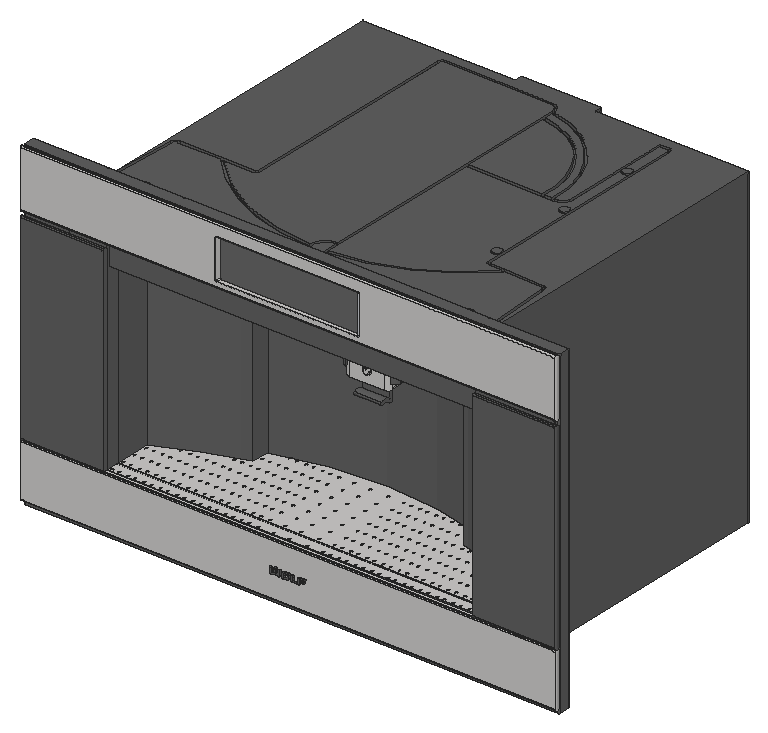
Revit family "EC3050TE", category Specialty Equipment, Revit 2017
Family settings
  Round Connector Dimension = Use Diameter
  Part Type = Normal
  OmniClass Number = 23.40.40.11.21
  OmniClass Title = Hot Cabinets
  Work Plane-Based = No
  Always vertical = Yes
  Cut with Voids When Loaded = No
  Shared = No
  Room Calculation Point = No
Parameters (values of type "EC3050TM")
  URL = "http://www.yepsketch.com"
  Model = "EC3050TM"
  Manufacturer = "Subzero Wolf"
  Author = "Yepsketch"
  Assembly Code = "E1090320"
Reference planes (in)
  plane 1 "Center (Front/Back)": y = 0
  plane 2: z = 0
  plane 3 "Center (Left/Right)": x = 0
Forms (in)
  Extrusion 1, solid, material "Thermoplastic Resin"
    sketch origin (0, 0, 0) x (1, 0, 0) y (0, 1, 0)
      loop
        line (-10.56417, 11.49096) -> (-10.56417, -6.19009) -> (10.89149, -6.19009) -> (10.89149, 11.48176)
        arc (10.89149, 11.48176) -> (10.88186, 11.505) -> (10.85861, 11.51463) r 0.03287
        line (10.85861, 11.51463) -> (2.4247, 11.51463)
        arc (2.4247, 11.51463) -> (2.39736, 11.52596) -> (2.38603, 11.5533) r 0.03867
        line (2.38603, 11.5533) -> (2.38603, 11.83137)
        arc (2.38603, 11.83137) -> (2.36087, 11.89211) -> (2.30014, 11.91727) r 0.08589
        line (2.30014, 11.91727) -> (-2.01654, 11.91727)
        arc (-2.01654, 11.91727) -> (-2.04636, 11.90491) -> (-2.05872, 11.87508) r 0.04218
        line (-2.05872, 11.87508) -> (-2.05872, 11.54377)
        arc (-2.05872, 11.54377) -> (-2.06741, 11.5228) -> (-2.08838, 11.51412) r 0.02966
        line (-2.08838, 11.51412) -> (-10.54102, 11.51412)
        arc (-10.54102, 11.51412) -> (-10.55739, 11.50733) -> (-10.56417, 11.49096) r 0.02316
    from 0 to 17.50389
  Extrusion 2, solid
    sketch origin (0, 0, 0) x (1, 0, 0) y (0, 1, 0)
      loop
        arc (-14.69217, -6.15193) -> (-14.72116, -6.16394) -> (-14.73318, -6.19294) r 0.04101
        line (-14.73318, -6.19294) -> (-14.73318, -6.74089)
        arc (-14.73318, -6.74089) -> (-14.70711, -6.80383) -> (-14.64418, -6.82989) r 0.089
        line (-14.64418, -6.82989) -> (-12.16097, -6.82989) -> (-12.16097, -6.86238) -> (14.81081, -6.86238) -> (14.81081, -6.82989) -> (14.97149, -6.82989)
        arc (14.97149, -6.82989) -> (15.03442, -6.80383) -> (15.06049, -6.74089) r 0.089
        line (15.06049, -6.74089) -> (15.06049, -6.20194)
        arc (15.06049, -6.20194) -> (15.04584, -6.16657) -> (15.01047, -6.15193) r 0.05001
        line (15.01047, -6.15193) -> (-14.69217, -6.15193)
    from 0 to 17.89035
  Extrusion 3, solid, material "Stainless Steel, Brushed"
    sketch origin (0, 0, 0) x (0, 1, 0) y (0, 0, 1)
      loop
        line (-6.97925, 17.8877) -> (-6.97925, 17.92118) -> (-7.06177, 17.92118)
        arc (-7.06177, 17.92118) -> (-7.10666, 17.90259) -> (-7.12525, 17.8577) r 0.06348
        line (-7.12525, 17.8577) -> (-7.12525, 14.7687)
        arc (-7.12525, 14.7687) -> (-7.10768, 14.72628) -> (-7.06525, 14.7087) r 0.06
        line (-7.06525, 14.7087) -> (-6.97925, 14.7087) -> (-6.97925, 14.741)
        arc (-6.97925, 14.741) -> (-6.92582, 14.75199) -> (-6.88306, 14.78586) r 0.11786
        line (-6.88306, 14.78586) -> (-6.88306, 17.79151)
        arc (-6.88306, 17.79151) -> (-6.91124, 17.85953) -> (-6.97925, 17.8877) r 0.09619
    from -14.76984 to 15.10791
  Extrusion 4, solid, material "Thermoplastic Resin"
    sketch origin (0, 0, -3.4915) x (0, 1, 0) y (0, 0, 1)
      loop
        line (-6.97925, 17.8877) -> (-6.97925, 17.92118) -> (-7.06177, 17.92118)
        arc (-7.06177, 17.92118) -> (-7.10666, 17.90259) -> (-7.12525, 17.8577) r 0.06348
        line (-7.12525, 17.8577) -> (-7.12525, 6.86508)
        arc (-7.12525, 6.86508) -> (-7.10768, 6.82266) -> (-7.06525, 6.80508) r 0.06
        line (-7.06525, 6.80508) -> (-6.97925, 6.80508) -> (-6.97925, 6.83738)
        arc (-6.97925, 6.83738) -> (-6.92582, 6.84837) -> (-6.88306, 6.88224) r 0.11786
        line (-6.88306, 6.88224) -> (-6.88306, 17.79151)
        arc (-6.88306, 17.79151) -> (-6.91124, 17.85953) -> (-6.97925, 17.8877) r 0.09619
    from -14.76984 to 15.10791
  Extrusion 5, solid, material "Stainless Steel, Brushed"
    sketch origin (0, 0, -14.65955) x (0, 1, 0) y (0, 0, 1)
      loop
        line (-6.97925, 17.8877) -> (-6.97925, 17.92118) -> (-7.03893, 17.92118)
        arc (-7.03893, 17.92118) -> (-7.08382, 17.90259) -> (-7.10241, 17.8577) r 0.06348
        line (-7.10241, 17.8577) -> (-7.10241, 14.98643)
        arc (-7.10241, 14.98643) -> (-7.08484, 14.944) -> (-7.04241, 14.92643) r 0.06
        line (-7.04241, 14.92643) -> (-6.97925, 14.92643) -> (-6.97925, 14.95872)
        arc (-6.97925, 14.95872) -> (-6.92582, 14.96971) -> (-6.88306, 15.00358) r 0.11786
        line (-6.88306, 15.00358) -> (-6.88306, 17.79151)
        arc (-6.88306, 17.79151) -> (-6.91124, 17.85953) -> (-6.97925, 17.8877) r 0.09619
    from -14.76984 to 15.10791
  Extrusion 6, solid, material "Default Light Source"
    sketch origin (0, 0, 0) x (1, 0, 0) y (0, 0, 1)
      loop
        line (-0.78338, 1.93507) -> (-0.78338, 1.6486)
        arc (-0.78338, 1.6486) -> (-0.76479, 1.60964) -> (-0.7228, 1.59961) r 0.05011
        arc (-0.7228, 1.59961) -> (-0.61616, 1.62639) -> (-0.5079, 1.64558) r 1.55626
        arc (-0.5079, 1.64558) -> (-0.40084, 1.6278) -> (-0.2958, 1.60049) r 1.20968
        arc (-0.2958, 1.60049) -> (-0.25018, 1.60972) -> (-0.23318, 1.65304) r 0.04866
        line (-0.23318, 1.65304) -> (-0.23318, 1.93125)
        arc (-0.23318, 1.93125) -> (-0.31238, 1.89844) -> (-0.34519, 1.81924) r 0.11201
        line (-0.34519, 1.81924) -> (-0.34519, 1.70699)
        arc (-0.34519, 1.70699) -> (-0.35261, 1.68908) -> (-0.37053, 1.68166) r 0.02534
        arc (-0.37053, 1.68166) -> (-0.43864, 1.69691) -> (-0.5079, 1.70549) r 0.72005
        arc (-0.5079, 1.70549) -> (-0.57894, 1.69799) -> (-0.64803, 1.67986) r 0.47224
        arc (-0.64803, 1.67986) -> (-0.6643, 1.6866) -> (-0.67104, 1.70287) r 0.02301
        line (-0.67104, 1.70287) -> (-0.67104, 1.82273)
        arc (-0.67104, 1.82273) -> (-0.70394, 1.90217) -> (-0.78338, 1.93507) r 0.11235
      loop
        arc (-0.56557, 1.90748) -> (-0.5872, 1.89239) -> (-0.60229, 1.87076) r 0.07521
        arc (-0.60229, 1.87076) -> (-0.59345, 1.78059) -> (-0.51043, 1.74433) r 0.08951
        arc (-0.51043, 1.74433) -> (-0.47511, 1.76343) -> (-0.46243, 1.80153) r 0.05455
        arc (-0.46243, 1.80153) -> (-0.46214, 1.81803) -> (-0.45569, 1.83322) r 0.04323
        arc (-0.45569, 1.83322) -> (-0.43543, 1.81122) -> (-0.42883, 1.78205) r 0.05798
        arc (-0.42883, 1.78205) -> (-0.41536, 1.79598) -> (-0.40624, 1.81308) r 0.06974
        arc (-0.40624, 1.81308) -> (-0.4108, 1.85645) -> (-0.43391, 1.89342) r 0.09691
        line (-0.43391, 1.89342) -> (-0.45673, 1.91625)
        arc (-0.45673, 1.91625) -> (-0.47997, 1.95054) -> (-0.49449, 1.98935) r 0.17478
        arc (-0.49449, 1.98935) -> (-0.51379, 1.97221) -> (-0.52256, 1.94794) r 0.05234
        arc (-0.52256, 1.94794) -> (-0.5155, 1.91422) -> (-0.51539, 1.87978) r 0.16948
        arc (-0.51539, 1.87978) -> (-0.52642, 1.85392) -> (-0.55331, 1.8621) r 0.02104
        arc (-0.55331, 1.8621) -> (-0.56264, 1.88392) -> (-0.56557, 1.90748) r 0.08502
      loop
        line (-0.13714, 1.82707) -> (-0.13714, 1.70373)
        arc (-0.13714, 1.70373) -> (-0.09523, 1.61485) -> (0, 1.59063) r 0.1152
        line (0, 1.59063) -> (0.17151, 1.59063)
        arc (0.17151, 1.59063) -> (0.25662, 1.62589) -> (0.29188, 1.711) r 0.12037
        line (0.29188, 1.711) -> (0.29188, 1.81888)
        arc (0.29188, 1.81888) -> (0.25662, 1.90399) -> (0.17151, 1.93924) r 0.12037
        line (0.17151, 1.93924) -> (0, 1.93924)
        arc (0, 1.93924) -> (-0.09515, 1.91565) -> (-0.13714, 1.82707) r 0.11445
      loop
        arc (0.1346, 1.64398) -> (0.17192, 1.65944) -> (0.18738, 1.69676) r 0.05278
        line (0.18738, 1.69676) -> (0.18738, 1.83018)
        arc (0.18738, 1.83018) -> (0.17192, 1.8675) -> (0.1346, 1.88296) r 0.05278
        line (0.1346, 1.88296) -> (0.018, 1.88296)
        arc (0.018, 1.88296) -> (-0.02223, 1.86286) -> (-0.03032, 1.81862) r 0.05032
        line (-0.03032, 1.81862) -> (-0.03032, 1.71287)
        arc (-0.03032, 1.71287) -> (-0.01014, 1.66416) -> (0.03857, 1.64398) r 0.06889
        line (0.03857, 1.64398) -> (0.1346, 1.64398)
      loop
        arc (0.8275, 1.93924) -> (0.78371, 1.92111) -> (0.76557, 1.87732) r 0.06192
        line (0.76557, 1.87732) -> (0.76557, 1.65068)
        arc (0.76557, 1.65068) -> (0.8195, 1.59675) -> (0.87343, 1.65068) r 0.05393
        line (0.87343, 1.65068) -> (0.87343, 1.6847)
        arc (0.87343, 1.6847) -> (0.88527, 1.70013) -> (0.90382, 1.70598) r 0.03234
        line (0.90382, 1.70598) -> (1.06376, 1.70598)
        arc (1.06376, 1.70598) -> (1.09629, 1.73851) -> (1.06376, 1.77105) r 0.03253
        line (1.06376, 1.77105) -> (0.88126, 1.77105)
        arc (0.88126, 1.77105) -> (0.87349, 1.80451) -> (0.88126, 1.83797) r 0.07591
        line (0.88126, 1.83797) -> (1.06376, 1.83797)
        arc (1.06376, 1.83797) -> (1.13029, 1.86868) -> (1.15008, 1.93924) r 0.08743
        line (1.15008, 1.93924) -> (0.8275, 1.93924)
      loop
        arc (0.50305, 1.82698) -> (0.47017, 1.90636) -> (0.39079, 1.93924) r 0.11226
        line (0.39079, 1.93924) -> (0.39079, 1.65068)
        arc (0.39079, 1.65068) -> (0.40668, 1.61231) -> (0.44504, 1.59642) r 0.05425
        line (0.44504, 1.59642) -> (0.69605, 1.59642)
        arc (0.69605, 1.59642) -> (0.72741, 1.62779) -> (0.69605, 1.65915) r 0.03137
        line (0.69605, 1.65915) -> (0.5263, 1.65915)
        arc (0.5263, 1.65915) -> (0.50986, 1.66596) -> (0.50305, 1.6824) r 0.02324
        line (0.50305, 1.6824) -> (0.50305, 1.82698)
    from 6.89908 to 7.17238
  Extrusion 7, void
    sketch origin (0, 0, 0) x (1, 0, 0) y (0, 1, 0)
      loop
        line (10.43658, -7.47925) -> (10.43658, -4.12556)
        arc (10.43658, -4.12556) -> (0.17625, -1.55558) -> (-10.08408, -4.12556) r 21.76654
        line (-10.08408, -4.12556) -> (-10.08408, -7.47925) -> (10.43658, -7.47925)
    from 3.35827 to 13.44431
  Extrusion 8, void
    sketch origin (0, 0, 0) x (1, 0, 0) y (0, 0, 1)
      loop
        line (-10.08408, 14.69431) -> (-10.08408, 13.44431) -> (10.43658, 13.44431) -> (10.43658, 14.69431) -> (-10.08408, 14.69431)
    from 6.74661 to 8.42224
  Extrusion 9, void
    sketch origin (0, 0, 0) x (1, 0, 0) y (0, 1, 0)
      loop
        line (6.1621, -2.39482) -> (6.1621, -1.31974)
        arc (6.1621, -1.31974) -> (0.28683, -0.39574) -> (-5.58408, -1.3471) r 18.86171
        line (-5.58408, -1.3471) -> (-5.58408, -2.39482) -> (6.1621, -2.39482)
    from 3.35827 to 12.25674
  Extrusion 10, solid
    sketch origin (0, 0, 0) x (1, 0, 0) y (0, 0, 1)
      loop
        arc (-0.99053, 12.25674) -> (-1.04261, 12.23517) -> (-1.06418, 12.18309) r 0.07365
        line (-1.06418, 12.18309) -> (-1.06418, 9.0422)
        arc (-1.06418, 9.0422) -> (-1.05479, 8.99904) -> (-1.0211, 8.9705) r 0.06879
        line (-1.0211, 8.9705) -> (1.3753, 8.9705)
        arc (1.3753, 8.9705) -> (1.42013, 9.0049) -> (1.43713, 9.05879) r 0.09396
        line (1.43713, 9.05879) -> (1.43713, 12.16873)
        arc (1.43713, 12.16873) -> (1.42922, 12.22878) -> (1.3755, 12.25674) r 0.06558
        line (1.3755, 12.25674) -> (-0.99053, 12.25674)
    from 0.65833 to 1.62812
  Extrusion 11, void
    sketch origin (0, 0, 0) x (1, 0, 0) y (0, 1, 0)
      loop
        line (-0.75, -0.65833) -> (-0.75, -0.62266) -> (-1.11603, -0.62266) -> (-1.11603, -0.88277) -> (-1.08095, -0.88277)
        arc (-1.08095, -0.88277) -> (-0.95427, -0.71335) -> (-0.75, -0.65833) r 0.32374
    from 8.9705 to 12.25674
  Extrusion 12, void
    sketch origin (0, -2.28645, 0) x (1, 0, 0) y (0, 1, 0)
      loop
        arc (-0.75, 0.65833) -> (-0.95427, 0.71335) -> (-1.08095, 0.88277) r 0.32374
        line (-1.08095, 0.88277) -> (-1.11603, 0.88277) -> (-1.11603, 0.62266) -> (-0.75, 0.62266) -> (-0.75, 0.65833)
    from 8.9705 to 12.25674
  Extrusion 13, void
    sketch origin (0.36435, 0, 0) x (-1, 0, 0) y (0, -1, 0)
      loop
        arc (-0.75, 0.65833) -> (-0.95427, 0.71335) -> (-1.08095, 0.88277) r 0.32374
        line (-1.08095, 0.88277) -> (-1.11603, 0.88277) -> (-1.11603, 0.62266) -> (-0.75, 0.62266) -> (-0.75, 0.65833)
    from 8.9705 to 12.25674
  Extrusion 14, void
    sketch origin (0.36435, -2.28645, 0) x (-1, 0, 0) y (0, -1, 0)
      loop
        line (-0.75, -0.65833) -> (-0.75, -0.62266) -> (-1.11603, -0.62266) -> (-1.11603, -0.88277) -> (-1.08095, -0.88277)
        arc (-1.08095, -0.88277) -> (-0.95427, -0.71335) -> (-0.75, -0.65833) r 0.32374
    from 8.9705 to 12.25674
  Extrusion 15, void
    sketch origin (0, 0, 0) x (1, 0, 0) y (0, 0, 1)
      loop
        arc (0.20907, 9.90188) -> (0.17042, 9.85411) -> (0.16908, 9.79268) r 0.09502
        arc (0.16908, 9.79268) -> (0.18215, 9.72731) -> (0.18063, 9.66066) r 0.30348
        arc (0.18063, 9.66066) -> (0.14266, 9.61745) -> (0.08817, 9.63589) r 0.05184
        arc (0.08817, 9.63589) -> (0.07317, 9.68429) -> (0.06832, 9.73474) r 0.248
        arc (0.06832, 9.73474) -> (0.03117, 9.70357) -> (0, 9.66642) r 0.27811
        arc (0, 9.66642) -> (-0.03214, 9.56447) -> (0, 9.46251) r 0.17777
        arc (0, 9.46251) -> (0.08156, 9.39864) -> (0.18488, 9.39109) r 0.17777
        arc (0.18488, 9.39109) -> (0.26455, 9.44662) -> (0.28288, 9.54199) r 0.12895
        arc (0.28288, 9.54199) -> (0.28669, 9.5608) -> (0.30015, 9.57448) r 0.03369
        arc (0.30015, 9.57448) -> (0.34555, 9.53065) -> (0.36081, 9.46941) r 0.11445
        arc (0.36081, 9.46941) -> (0.40365, 9.53676) -> (0.39744, 9.61633) r 0.12602
        arc (0.39744, 9.61633) -> (0.3554, 9.68927) -> (0.29688, 9.74979) r 0.34354
        arc (0.29688, 9.74979) -> (0.24434, 9.82085) -> (0.20907, 9.90188) r 0.39184
      loop
        arc (0.31058, 9.76443) -> (0.25569, 9.84161) -> (0.22208, 9.93015) r 0.37184
        arc (0.22208, 9.93015) -> (0.15685, 9.87305) -> (0.15001, 9.78663) r 0.11502
        arc (0.15001, 9.78663) -> (0.16222, 9.72557) -> (0.1608, 9.66331) r 0.28348
        arc (0.1608, 9.66331) -> (0.13859, 9.63709) -> (0.10548, 9.64632) r 0.03184
        arc (0.10548, 9.64632) -> (0.08968, 9.70824) -> (0.09167, 9.77212) r 0.228
        arc (0.09167, 9.77212) -> (0.0319, 9.7316) -> (-0.01638, 9.67789) r 0.29811
        arc (-0.01638, 9.67789) -> (-0.05214, 9.56447) -> (-0.01638, 9.45104) r 0.19777
        arc (-0.01638, 9.45104) -> (0.07435, 9.37999) -> (0.1893, 9.37158) r 0.19777
        arc (0.1893, 9.37158) -> (0.28248, 9.43754) -> (0.3016, 9.55009) r 0.14895
        arc (0.3016, 9.55009) -> (0.33835, 9.49516) -> (0.3301, 9.42959) r 0.09445
        arc (0.3301, 9.42959) -> (0.41499, 9.50834) -> (0.41586, 9.62412) r 0.14602
        arc (0.41586, 9.62412) -> (0.37181, 9.70072) -> (0.31058, 9.76443) r 0.36354
    from 1.60848 to 1.62812
  Extrusion 16, solid
    sketch origin (0, 0, 0) x (1, 0, 0) y (0, 1, 0)
      loop
        line (-1.0654, -1.51266) -> (-1.0654, -0.77485)
        arc (-1.0654, -0.77485) -> (-1.38347, -1.14376) -> (-1.0654, -1.51266) r 0.37297
      loop
        arc (1.43713, -1.51224) -> (1.75242, -1.14376) -> (1.43713, -0.77528) r 0.37297
        line (1.43713, -0.77528) -> (1.43713, -1.51224)
    from 9.34198 to 12.25674
  Extrusion 17, solid
    sketch origin (0, 0, 0) x (1, 0, 0) y (0, 0, 1)
      loop
        line (3.63763, 12.25674) -> (1.80142, 12.25674) -> (1.80142, 10.28113)
        arc (1.80142, 10.28113) -> (1.8242, 10.22611) -> (1.87922, 10.20332) r 0.0778
        line (1.87922, 10.20332) -> (2.88062, 10.20332) -> (2.88062, 11.77288)
        arc (2.88062, 11.77288) -> (2.9035, 11.8281) -> (2.95872, 11.85098) r 0.07809
        line (2.95872, 11.85098) -> (3.56601, 11.85098)
        arc (3.56601, 11.85098) -> (3.61666, 11.87195) -> (3.63763, 11.9226) r 0.07162
        line (3.63763, 11.9226) -> (3.63763, 12.25674)
    from 0.44984 to 0.7314
  Extrusion 18, solid
    sketch origin (0, 0, 0) x (1, 0, 0) y (0, 0, 1)
      loop
        line (3.09625, 12.25674) -> (2.0222, 12.25674) -> (2.0222, 11.90363)
        arc (2.0222, 11.90363) -> (2.07285, 11.8872) -> (2.12476, 11.8754) r 0.59081
        line (2.12476, 11.8754) -> (2.12476, 10.64971)
        arc (2.12476, 10.64971) -> (2.15218, 10.58351) -> (2.21839, 10.55608) r 0.09363
        line (2.21839, 10.55608) -> (2.54973, 10.55608)
        arc (2.54973, 10.55608) -> (2.60515, 10.57904) -> (2.62811, 10.63446) r 0.07838
        line (2.62811, 10.63446) -> (2.62811, 11.83337)
        arc (2.62811, 11.83337) -> (2.66624, 11.87122) -> (2.71815, 11.88506) r 0.10427
        line (2.71815, 11.88506) -> (3.03833, 11.88506)
        arc (3.03833, 11.88506) -> (3.07929, 11.90203) -> (3.09625, 11.94298) r 0.05792
        line (3.09625, 11.94298) -> (3.09625, 12.25674)
    from 0.7314 to 0.80308
  Extrusion 19, solid
    sketch origin (0, 0, 0) x (1, 0, 0) y (0, 0, 1)
      loop
        arc (2.08069, 11.26495) -> (2.13805, 11.08842) -> (2.28823, 10.97934) r 0.30029
        line (2.28823, 10.97934) -> (2.48346, 10.97934)
        arc (2.48346, 10.97934) -> (2.63358, 11.08845) -> (2.69092, 11.26495) r 0.30032
        line (2.69092, 11.26495) -> (2.69092, 11.83379)
        arc (2.69092, 11.83379) -> (2.63433, 11.97041) -> (2.49771, 12.027) r 0.19321
        line (2.49771, 12.027) -> (2.28515, 12.027)
        arc (2.28515, 12.027) -> (2.13688, 11.91323) -> (2.08069, 11.73499) r 0.31075
        line (2.08069, 11.73499) -> (2.08069, 11.26495)
    from 0.80308 to 0.83889
  Extrusion 20, solid
    sketch origin (0, 0, 0) x (1, 0, 0) y (0, 0, 1)
      loop
        arc (2.28823, 10.98856) -> (2.29476, 10.9728) -> (2.31052, 10.96626) r 0.0223
        line (2.31052, 10.96626) -> (2.46109, 10.96626)
        arc (2.46109, 10.96626) -> (2.47693, 10.97126) -> (2.48705, 10.98444) r 0.02762
        line (2.48705, 10.98444) -> (2.48705, 12.22934)
        arc (2.48705, 12.22934) -> (2.47778, 12.24362) -> (2.46169, 12.24916) r 0.02613
        line (2.46169, 12.24916) -> (2.31653, 12.24916)
        arc (2.31653, 12.24916) -> (2.29929, 12.24366) -> (2.28823, 12.22934) r 0.03043
        line (2.28823, 12.22934) -> (2.28823, 10.98856)
    from 0.83889 to 0.89472
  Extrusion 21, solid
    sketch origin (0, 0, 0) x (0, 1, 0) y (0, 0, 1)
      loop
        line (-0.84436, 8.9705) -> (-0.99436, 8.9705) -> (-0.99436, 8.19369)
        arc (-0.99436, 8.19369) -> (-1.26723, 8.29577) -> (-1.55106, 8.23005) r 0.50472
        arc (-1.55106, 8.23005) -> (-1.57884, 8.12769) -> (-1.47648, 8.0999) r 0.075
        arc (-1.47648, 8.0999) -> (-1.20832, 8.13476) -> (-0.99352, 7.9705) r 0.35472
        line (-0.99352, 7.9705) -> (-0.84436, 7.9705) -> (-0.84436, 8.9705)
    from -0.57 to 0.94415
  Extrusion 22, solid
    sketch origin (0, 0, 0) x (1, 0, 0) y (0, 1, 0)
      loop
        circle (-0.4373, -1.08937) r 0.02
      loop
        circle (0.82051, -1.08937) r 0.02
    from 8.77454 to 9.01713
  Extrusion 23, void
    sketch origin (0, 0, 0) x (1, 0, 0) y (0, 1, 0)
      loop
        circle (-9.90171, -6.74661) r 0.06
      loop
        circle (-9.49728, -6.74661) r 0.06
      loop
        circle (-8.99728, -6.74661) r 0.06
      loop
        circle (-8.59285, -6.74661) r 0.06
      loop
        circle (-8.09285, -6.74661) r 0.06
      loop
        circle (-7.68843, -6.74661) r 0.06
      loop
        circle (-7.18843, -6.74661) r 0.06
      loop
        circle (-6.784, -6.74661) r 0.06
      loop
        circle (-6.284, -6.74661) r 0.06
      loop
        circle (-5.87957, -6.74661) r 0.06
      loop
        circle (-5.37957, -6.74661) r 0.06
      loop
        circle (-4.97515, -6.74661) r 0.06
      loop
        circle (-4.47515, -6.74661) r 0.06
      loop
        circle (-4.07072, -6.74661) r 0.06
      loop
        circle (-3.57072, -6.74661) r 0.06
      loop
        circle (-3.1663, -6.74661) r 0.06
      loop
        circle (-2.6663, -6.74661) r 0.06
      loop
        circle (-2.26187, -6.74661) r 0.06
      loop
        circle (-1.76187, -6.74661) r 0.06
      loop
        circle (1.84829, -6.74661) r 0.06
      loop
        circle (2.25272, -6.74661) r 0.06
      loop
        circle (2.75272, -6.74661) r 0.06
      loop
        circle (3.15715, -6.74661) r 0.06
      loop
        circle (3.65715, -6.74661) r 0.06
      loop
        circle (4.06157, -6.74661) r 0.06
      loop
        circle (4.56157, -6.74661) r 0.06
      loop
        circle (4.966, -6.74661) r 0.06
      loop
        circle (5.466, -6.74661) r 0.06
      loop
        circle (5.87043, -6.74661) r 0.06
      loop
        circle (6.37043, -6.74661) r 0.06
      loop
        circle (6.77485, -6.74661) r 0.06
      loop
        circle (7.27485, -6.74661) r 0.06
      loop
        circle (7.67928, -6.74661) r 0.06
      loop
        circle (8.17928, -6.74661) r 0.06
      loop
        circle (8.5837, -6.74661) r 0.06
      loop
        circle (9.0837, -6.74661) r 0.06
      loop
        circle (9.48813, -6.74661) r 0.06
      loop
        circle (9.98813, -6.74661) r 0.06
      loop
        circle (-0.03032, -6.74661) r 0.06
      loop
        circle (0.96968, -6.74661) r 0.06
      loop
        circle (-0.90645, -6.74661) r 0.06
    from 3.16504 to 3.46811
  Extrusion 24, void
    sketch origin (0, 0.8, 0) x (1, 0, 0) y (0, 1, 0)
      loop
        circle (-9.90171, -6.74661) r 0.06
      loop
        circle (-9.49728, -6.74661) r 0.06
      loop
        circle (-8.99728, -6.74661) r 0.06
      loop
        circle (-8.59285, -6.74661) r 0.06
      loop
        circle (-8.09285, -6.74661) r 0.06
      loop
        circle (-7.68843, -6.74661) r 0.06
      loop
        circle (-7.18843, -6.74661) r 0.06
      loop
        circle (-6.784, -6.74661) r 0.06
      loop
        circle (-6.284, -6.74661) r 0.06
      loop
        circle (-5.87957, -6.74661) r 0.06
      loop
        circle (-5.37957, -6.74661) r 0.06
      loop
        circle (-4.97515, -6.74661) r 0.06
      loop
        circle (-4.47515, -6.74661) r 0.06
      loop
        circle (-4.07072, -6.74661) r 0.06
      loop
        circle (-3.57072, -6.74661) r 0.06
      loop
        circle (-3.1663, -6.74661) r 0.06
      loop
        circle (-2.6663, -6.74661) r 0.06
      loop
        circle (-2.26187, -6.74661) r 0.06
      loop
        circle (-1.76187, -6.74661) r 0.06
      loop
        circle (1.84829, -6.74661) r 0.06
      loop
        circle (2.25272, -6.74661) r 0.06
      loop
        circle (2.75272, -6.74661) r 0.06
      loop
        circle (3.15715, -6.74661) r 0.06
      loop
        circle (3.65715, -6.74661) r 0.06
      loop
        circle (4.06157, -6.74661) r 0.06
      loop
        circle (4.56157, -6.74661) r 0.06
      loop
        circle (4.966, -6.74661) r 0.06
      loop
        circle (5.466, -6.74661) r 0.06
      loop
        circle (5.87043, -6.74661) r 0.06
      loop
        circle (6.37043, -6.74661) r 0.06
      loop
        circle (6.77485, -6.74661) r 0.06
      loop
        circle (7.27485, -6.74661) r 0.06
      loop
        circle (7.67928, -6.74661) r 0.06
      loop
        circle (8.17928, -6.74661) r 0.06
      loop
        circle (8.5837, -6.74661) r 0.06
      loop
        circle (9.0837, -6.74661) r 0.06
      loop
        circle (9.48813, -6.74661) r 0.06
      loop
        circle (9.98813, -6.74661) r 0.06
      loop
        circle (-0.03032, -6.74661) r 0.06
      loop
        circle (0.96968, -6.74661) r 0.06
      loop
        circle (-0.90645, -6.74661) r 0.06
    from 3.16504 to 3.46811
  Extrusion 25, void
    sketch origin (0, 1.6, 0) x (1, 0, 0) y (0, 1, 0)
      loop
        circle (-9.90171, -6.74661) r 0.06
      loop
        circle (-9.49728, -6.74661) r 0.06
      loop
        circle (-8.99728, -6.74661) r 0.06
      loop
        circle (-8.59285, -6.74661) r 0.06
      loop
        circle (-8.09285, -6.74661) r 0.06
      loop
        circle (-7.68843, -6.74661) r 0.06
      loop
        circle (-7.18843, -6.74661) r 0.06
      loop
        circle (-6.784, -6.74661) r 0.06
      loop
        circle (-6.284, -6.74661) r 0.06
      loop
        circle (-5.87957, -6.74661) r 0.06
      loop
        circle (-5.37957, -6.74661) r 0.06
      loop
        circle (-4.97515, -6.74661) r 0.06
      loop
        circle (-4.47515, -6.74661) r 0.06
      loop
        circle (-4.07072, -6.74661) r 0.06
      loop
        circle (-3.57072, -6.74661) r 0.06
      loop
        circle (-3.1663, -6.74661) r 0.06
      loop
        circle (-2.6663, -6.74661) r 0.06
      loop
        circle (-2.26187, -6.74661) r 0.06
      loop
        circle (-1.76187, -6.74661) r 0.06
      loop
        circle (1.84829, -6.74661) r 0.06
      loop
        circle (2.25272, -6.74661) r 0.06
      loop
        circle (2.75272, -6.74661) r 0.06
      loop
        circle (3.15715, -6.74661) r 0.06
      loop
        circle (3.65715, -6.74661) r 0.06
      loop
        circle (4.06157, -6.74661) r 0.06
      loop
        circle (4.56157, -6.74661) r 0.06
      loop
        circle (4.966, -6.74661) r 0.06
      loop
        circle (5.466, -6.74661) r 0.06
      loop
        circle (5.87043, -6.74661) r 0.06
      loop
        circle (6.37043, -6.74661) r 0.06
      loop
        circle (6.77485, -6.74661) r 0.06
      loop
        circle (7.27485, -6.74661) r 0.06
      loop
        circle (7.67928, -6.74661) r 0.06
      loop
        circle (8.17928, -6.74661) r 0.06
      loop
        circle (8.5837, -6.74661) r 0.06
      loop
        circle (9.0837, -6.74661) r 0.06
      loop
        circle (9.48813, -6.74661) r 0.06
      loop
        circle (9.98813, -6.74661) r 0.06
      loop
        circle (-0.03032, -6.74661) r 0.06
      loop
        circle (0.96968, -6.74661) r 0.06
      loop
        circle (-0.90645, -6.74661) r 0.06
    from 3.16504 to 3.46811
  Extrusion 26, void
    sketch origin (0, 2.4, 0) x (1, 0, 0) y (0, 1, 0)
      loop
        circle (-9.90171, -6.74661) r 0.06
      loop
        circle (-9.49728, -6.74661) r 0.06
      loop
        circle (-8.99728, -6.74661) r 0.06
      loop
        circle (-8.59285, -6.74661) r 0.06
      loop
        circle (-8.09285, -6.74661) r 0.06
      loop
        circle (-7.68843, -6.74661) r 0.06
      loop
        circle (-7.18843, -6.74661) r 0.06
      loop
        circle (-6.784, -6.74661) r 0.06
      loop
        circle (-6.284, -6.74661) r 0.06
      loop
        circle (-5.87957, -6.74661) r 0.06
      loop
        circle (-5.37957, -6.74661) r 0.06
      loop
        circle (-4.97515, -6.74661) r 0.06
      loop
        circle (-4.47515, -6.74661) r 0.06
      loop
        circle (-4.07072, -6.74661) r 0.06
      loop
        circle (-3.57072, -6.74661) r 0.06
      loop
        circle (-3.1663, -6.74661) r 0.06
      loop
        circle (-2.6663, -6.74661) r 0.06
      loop
        circle (-2.26187, -6.74661) r 0.06
      loop
        circle (-1.76187, -6.74661) r 0.06
      loop
        circle (1.84829, -6.74661) r 0.06
      loop
        circle (2.25272, -6.74661) r 0.06
      loop
        circle (2.75272, -6.74661) r 0.06
      loop
        circle (3.15715, -6.74661) r 0.06
      loop
        circle (3.65715, -6.74661) r 0.06
      loop
        circle (4.06157, -6.74661) r 0.06
      loop
        circle (4.56157, -6.74661) r 0.06
      loop
        circle (4.966, -6.74661) r 0.06
      loop
        circle (5.466, -6.74661) r 0.06
      loop
        circle (5.87043, -6.74661) r 0.06
      loop
        circle (6.37043, -6.74661) r 0.06
      loop
        circle (6.77485, -6.74661) r 0.06
      loop
        circle (7.27485, -6.74661) r 0.06
      loop
        circle (7.67928, -6.74661) r 0.06
      loop
        circle (8.17928, -6.74661) r 0.06
      loop
        circle (8.5837, -6.74661) r 0.06
      loop
        circle (9.0837, -6.74661) r 0.06
      loop
        circle (9.48813, -6.74661) r 0.06
      loop
        circle (9.98813, -6.74661) r 0.06
      loop
        circle (-0.03032, -6.74661) r 0.06
      loop
        circle (0.96968, -6.74661) r 0.06
      loop
        circle (-0.90645, -6.74661) r 0.06
    from 3.16504 to 3.46811
  Extrusion 27, void
    sketch origin (0, 3.2, 0) x (1, 0, 0) y (0, 1, 0)
      loop
        circle (-8.59285, -6.74661) r 0.06
      loop
        circle (-8.09285, -6.74661) r 0.06
      loop
        circle (-7.68843, -6.74661) r 0.06
      loop
        circle (-7.18843, -6.74661) r 0.06
      loop
        circle (-6.784, -6.74661) r 0.06
      loop
        circle (-6.284, -6.74661) r 0.06
      loop
        circle (-5.87957, -6.74661) r 0.06
      loop
        circle (-5.37957, -6.74661) r 0.06
      loop
        circle (-4.97515, -6.74661) r 0.06
      loop
        circle (-4.47515, -6.74661) r 0.06
      loop
        circle (-4.07072, -6.74661) r 0.06
      loop
        circle (-3.57072, -6.74661) r 0.06
      loop
        circle (-3.1663, -6.74661) r 0.06
      loop
        circle (-2.6663, -6.74661) r 0.06
      loop
        circle (-2.26187, -6.74661) r 0.06
      loop
        circle (-1.76187, -6.74661) r 0.06
      loop
        circle (1.84829, -6.74661) r 0.06
      loop
        circle (2.25272, -6.74661) r 0.06
      loop
        circle (2.75272, -6.74661) r 0.06
      loop
        circle (3.15715, -6.74661) r 0.06
      loop
        circle (3.65715, -6.74661) r 0.06
      loop
        circle (4.06157, -6.74661) r 0.06
      loop
        circle (4.56157, -6.74661) r 0.06
      loop
        circle (4.966, -6.74661) r 0.06
      loop
        circle (5.466, -6.74661) r 0.06
      loop
        circle (5.87043, -6.74661) r 0.06
      loop
        circle (6.37043, -6.74661) r 0.06
      loop
        circle (6.77485, -6.74661) r 0.06
      loop
        circle (7.27485, -6.74661) r 0.06
      loop
        circle (7.67928, -6.74661) r 0.06
      loop
        circle (8.17928, -6.74661) r 0.06
      loop
        circle (8.5837, -6.74661) r 0.06
      loop
        circle (-0.03032, -6.74661) r 0.06
      loop
        circle (0.96968, -6.74661) r 0.06
      loop
        circle (-0.90645, -6.74661) r 0.06
    from 3.16504 to 3.46811
  Extrusion 28, void
    sketch origin (0, 4, 0) x (1, 0, 0) y (0, 1, 0)
      loop
        circle (-6.284, -6.74661) r 0.06
      loop
        circle (-5.87957, -6.74661) r 0.06
      loop
        circle (-5.37957, -6.74661) r 0.06
      loop
        circle (-4.97515, -6.74661) r 0.06
      loop
        circle (-4.47515, -6.74661) r 0.06
      loop
        circle (-4.07072, -6.74661) r 0.06
      loop
        circle (-3.57072, -6.74661) r 0.06
      loop
        circle (-3.1663, -6.74661) r 0.06
      loop
        circle (-2.6663, -6.74661) r 0.06
      loop
        circle (-2.26187, -6.74661) r 0.06
      loop
        circle (-1.76187, -6.74661) r 0.06
      loop
        circle (1.84829, -6.74661) r 0.06
      loop
        circle (2.25272, -6.74661) r 0.06
      loop
        circle (2.75272, -6.74661) r 0.06
      loop
        circle (3.15715, -6.74661) r 0.06
      loop
        circle (3.65715, -6.74661) r 0.06
      loop
        circle (4.06157, -6.74661) r 0.06
      loop
        circle (4.56157, -6.74661) r 0.06
      loop
        circle (4.966, -6.74661) r 0.06
      loop
        circle (5.466, -6.74661) r 0.06
      loop
        circle (5.87043, -6.74661) r 0.06
      loop
        circle (6.37043, -6.74661) r 0.06
      loop
        circle (6.77485, -6.74661) r 0.06
      loop
        circle (-0.03032, -6.74661) r 0.06
      loop
        circle (0.96968, -6.74661) r 0.06
      loop
        circle (-0.90645, -6.74661) r 0.06
    from 3.16504 to 3.46811
  Extrusion 29, void
    sketch origin (0, 5.6, 0) x (1, 0, 0) y (0, 1, 0)
      loop
        circle (-4.47515, -6.74661) r 0.06
      loop
        circle (-4.07072, -6.74661) r 0.06
      loop
        circle (-3.57072, -6.74661) r 0.06
      loop
        circle (-3.1663, -6.74661) r 0.06
      loop
        circle (-2.6663, -6.74661) r 0.06
      loop
        circle (-2.26187, -6.74661) r 0.06
      loop
        circle (-1.76187, -6.74661) r 0.06
      loop
        circle (1.84829, -6.74661) r 0.06
      loop
        circle (2.25272, -6.74661) r 0.06
      loop
        circle (2.75272, -6.74661) r 0.06
      loop
        circle (3.15715, -6.74661) r 0.06
      loop
        circle (3.65715, -6.74661) r 0.06
      loop
        circle (4.06157, -6.74661) r 0.06
      loop
        circle (4.56157, -6.74661) r 0.06
      loop
        circle (4.966, -6.74661) r 0.06
      loop
        circle (-0.03032, -6.74661) r 0.06
      loop
        circle (0.96968, -6.74661) r 0.06
      loop
        circle (-0.90645, -6.74661) r 0.06
    from 3.16504 to 3.35827
  Extrusion 30, void
    sketch origin (0, 0, 0) x (1, 0, 0) y (0, 1, 0)
      loop
        line (-10.43787, -6.18224) -> (-10.2246, -2.11267)
        arc (-10.2246, -2.11267) -> (-10.18568, -2.01872) -> (-10.09172, -1.9798) r 0.13288
        line (-10.09172, -1.9798) -> (-7.70905, -1.9798)
        arc (-7.70905, -1.9798) -> (-4.13432, -4.64214) -> (0.22503, -5.57102) r 10.44095
        arc (0.22503, -5.57102) -> (0.3618, -4.98489) -> (0.90448, -4.72462) r 0.69592
        line (0.90448, -4.72462) -> (0.90448, -5.54347)
        arc (0.90448, -5.54347) -> (4.87961, -4.51122) -> (8.16241, -2.04335) r 10.58274
        line (8.16241, -2.04335) -> (10.23484, -2.12901)
        arc (10.23484, -2.12901) -> (10.3579, -2.17998) -> (10.40887, -2.30304) r 0.17403
        line (10.40887, -2.30304) -> (10.61258, -6.19009) -> (10.76279, -6.19009) -> (10.55884, -2.29851)
        arc (10.55884, -2.29851) -> (10.46362, -2.07358) -> (10.23841, -1.97903) r 0.32403
        line (10.23841, -1.97903) -> (7.97338, -1.8854) -> (7.27463, -1.85652)
        arc (7.27463, -1.85652) -> (7.22184, -1.83608) -> (7.19977, -1.78395) r 0.07261
        line (7.19977, -1.78395) -> (7.19977, 10.66415)
        arc (7.19977, 10.66415) -> (7.10977, 10.88142) -> (6.8925, 10.97141) r 0.30726
        line (6.8925, 10.97141) -> (6.37337, 10.97141) -> (6.37337, 4.72138)
        arc (6.37337, 4.72138) -> (6.26198, 4.45244) -> (5.99304, 4.34105) r 0.38033
        line (5.99304, 4.34105) -> (5.84971, 4.34105)
        arc (5.84971, 4.34105) -> (4.58305, 8.23524) -> (1.05448, 10.31332) r 5.78094
        arc (1.05448, 10.31332) -> (0.86854, 10.76223) -> (0.41963, 10.94817) r 0.63485
        line (0.41963, 10.94817) -> (-5.48194, 10.94817)
        arc (-5.48194, 10.94817) -> (-5.6803, 10.86601) -> (-5.76246, 10.66765) r 0.28052
        line (-5.76246, 10.66765) -> (-5.76246, -1.76267)
        arc (-5.76246, -1.76267) -> (-5.78212, -1.81014) -> (-5.82959, -1.8298) r 0.06713
        line (-5.82959, -1.8298) -> (-10.09172, -1.8298)
        arc (-10.09172, -1.8298) -> (-10.29009, -1.91101) -> (-10.37456, -2.10801) r 0.28288
        line (-10.37456, -2.10801) -> (-10.58808, -6.18224) -> (-10.43787, -6.18224)
      loop
        line (-5.82959, -1.9798) -> (-7.5092, -1.9798)
        arc (-7.5092, -1.9798) -> (-4.08822, -4.49834) -> (0.05857, -5.42054) r 10.29095
        arc (0.05857, -5.42054) -> (0.30633, -4.82239) -> (0.90448, -4.57462) r 0.84592
        line (0.90448, -4.57462) -> (0.90448, 10.31332)
        arc (0.90448, 10.31332) -> (0.76247, 10.65617) -> (0.41963, 10.79817) r 0.48485
        line (0.41963, 10.79817) -> (-5.48194, 10.79817)
        arc (-5.48194, 10.79817) -> (-5.57423, 10.75995) -> (-5.61246, 10.66765) r 0.13052
        line (-5.61246, 10.66765) -> (-5.61246, -1.76267)
        arc (-5.61246, -1.76267) -> (-5.67606, -1.9162) -> (-5.82959, -1.9798) r 0.21713
      loop
        line (1.05448, 10.16106) -> (1.05448, 9.67825)
        arc (1.05448, 9.67825) -> (4.25606, 7.86743) -> (5.3019, 4.34105) r 4.91066
        line (5.3019, 4.34105) -> (5.69953, 4.34105)
        arc (5.69953, 4.34105) -> (4.47637, 8.12847) -> (1.05448, 10.16106) r 5.63094
      loop
        line (-6.192, -6.19009) -> (-6.192, -6.01085) -> (-5.98145, -5.80031) -> (6.26855, -5.80031) -> (6.42878, -5.96055) -> (6.42878, -6.19009) -> (6.57878, -6.19009) -> (6.57878, -5.89841) -> (6.33068, -5.65031) -> (-6.04359, -5.65031) -> (-6.342, -5.94872) -> (-6.342, -6.19009) -> (-6.192, -6.19009)
      loop
        arc (1.05448, -5.38317) -> (4.83014, -4.36852) -> (7.96719, -2.03528) r 10.43274
        line (7.96719, -2.03528) -> (7.27237, -2.00656)
        arc (7.27237, -2.00656) -> (7.11497, -1.94136) -> (7.04977, -1.78395) r 0.22261
        line (7.04977, -1.78395) -> (7.04977, 10.66415)
        arc (7.04977, 10.66415) -> (7.00371, 10.77535) -> (6.8925, 10.82141) r 0.15726
        line (6.8925, 10.82141) -> (6.52337, 10.82141) -> (6.52337, 4.72138)
        arc (6.52337, 4.72138) -> (6.36804, 4.34638) -> (5.99304, 4.19105) r 0.53033
        line (5.99304, 4.19105) -> (1.05448, 4.19105) -> (1.05448, -5.38317)
      loop
        arc (5.15119, 4.34105) -> (4.14929, 7.76065) -> (1.05448, 9.52691) r 4.76066
        line (1.05448, 9.52691) -> (1.05448, 4.34105) -> (5.15119, 4.34105)
    from 17.3627 to 19.56477
  Extrusion 31, solid
    sketch origin (0, 0, 0) x (1, 0, 0) y (0, 1, 0)
      loop
        circle (-8.82536, -5.84299) r 0.25
      loop
        circle (9.17464, -5.84299) r 0.25
      loop
        circle (6.78502, -0.84299) r 0.25
      loop
        circle (6.78502, 3.84451) r 0.25
      loop
        circle (6.78502, 8.19454) r 0.25
    from 17.46658 to 17.52551
  Sweep 32, void
    path origin (0, 0, 0) x (1, 0, 0) y (0, 0, 1)
      loop
        line (-14.76984, 0.26688) -> (-14.76984, 17.92118)
    profile origin (-14.76984, 0, 9.09403) x (-1, 0, 0) y (0, -1, 0)
      loop
        line (-0.0981, 6.87236) -> (0.07449, 6.87236) -> (0.07449, 7.13442) -> (-0.08802, 7.13442)
        arc (-0.08802, 7.13442) -> (-0.01402, 7.00035) -> (-0.0981, 6.87236) r 0.14824
  Sweep 33, void
    path origin (0.34311, 0, 0) x (-1, 0, 0) y (0, 0, 1)
      loop
        line (-14.76984, 0.26688) -> (-14.76984, 17.92118)
    profile origin (15.11295, 0, 9.09403) x (-1, 0, 0) y (0, -1, 0)
      loop
        arc (0.0981, 6.87236) -> (0.01402, 7.00035) -> (0.08802, 7.13442) r 0.14824
        line (0.08802, 7.13442) -> (-0.07449, 7.13442) -> (-0.07449, 6.87236) -> (0.0981, 6.87236)
  Extrusion 34, void
    sketch origin (0, 4.8, 0) x (1, 0, 0) y (0, 1, 0)
      loop
        circle (-5.37957, -6.74661) r 0.06
      loop
        circle (-4.97515, -6.74661) r 0.06
      loop
        circle (-4.47515, -6.74661) r 0.06
      loop
        circle (-4.07072, -6.74661) r 0.06
      loop
        circle (-3.57072, -6.74661) r 0.06
      loop
        circle (-3.1663, -6.74661) r 0.06
      loop
        circle (-2.6663, -6.74661) r 0.06
      loop
        circle (-2.26187, -6.74661) r 0.06
      loop
        circle (-1.76187, -6.74661) r 0.06
      loop
        circle (1.84829, -6.74661) r 0.06
      loop
        circle (2.25272, -6.74661) r 0.06
      loop
        circle (2.75272, -6.74661) r 0.06
      loop
        circle (3.15715, -6.74661) r 0.06
      loop
        circle (3.65715, -6.74661) r 0.06
      loop
        circle (4.06157, -6.74661) r 0.06
      loop
        circle (4.56157, -6.74661) r 0.06
      loop
        circle (4.966, -6.74661) r 0.06
      loop
        circle (5.466, -6.74661) r 0.06
      loop
        circle (5.87043, -6.74661) r 0.06
      loop
        circle (-0.03032, -6.74661) r 0.06
      loop
        circle (0.96968, -6.74661) r 0.06
      loop
        circle (-0.90645, -6.74661) r 0.06
    from 3.16504 to 3.46811
  Extrusion 35, solid
    sketch origin (0, 0, 0) x (1, 0, 0) y (0, 0, 1)
      loop
        arc (-3.70029, 17.31285) -> (-3.79515, 17.27344) -> (-3.83442, 17.17853) r 0.13432
        line (-3.83442, 17.17853) -> (-3.83442, 15.11885)
        arc (-3.83442, 15.11885) -> (-3.81392, 15.06936) -> (-3.76442, 15.04885) r 0.07
        line (-3.76442, 15.04885) -> (4.04858, 15.04885)
        arc (4.04858, 15.04885) -> (4.09808, 15.06936) -> (4.11858, 15.11885) r 0.07
        line (4.11858, 15.11885) -> (4.11858, 17.24285)
        arc (4.11858, 17.24285) -> (4.09808, 17.29235) -> (4.04858, 17.31285) r 0.07
        line (4.04858, 17.31285) -> (-3.70029, 17.31285)
    from 6.84902 to 7.17238
  Extrusion 36, void
    sketch origin (0, 0, 0) x (1, 0, 0) y (0, 0, 1)
      loop
        arc (-3.76442, 17.30285) -> (-3.80685, 17.28528) -> (-3.82442, 17.24285) r 0.06
        line (-3.82442, 17.24285) -> (-3.82442, 15.11885)
        arc (-3.82442, 15.11885) -> (-3.80685, 15.07643) -> (-3.76442, 15.05885) r 0.06
        line (-3.76442, 15.05885) -> (4.0485, 15.05885)
        arc (4.0485, 15.05885) -> (4.09098, 15.07645) -> (4.10858, 15.11893) r 0.06008
        line (4.10858, 15.11893) -> (4.10858, 17.24285)
        arc (4.10858, 17.24285) -> (4.09101, 17.28528) -> (4.04858, 17.30285) r 0.06
        line (4.04858, 17.30285) -> (-3.76442, 17.30285)
    from 6.86238 to 7.5449
  Extrusion 37, solid
    sketch origin (0, 0, 0) x (1, 0, 0) y (0, 1, 0)
      loop
        line (-9.25, -0.25) -> (-9.25, -2.47337) -> (9.52824, -2.47337) -> (9.52824, -0.25) -> (-9.25, -0.25)
    from 12.25674 to 13.44431
  Extrusion 38, solid, material "Thermoplastic Resin"
    sketch origin (0, 0, 0) x (1, 0, 0) y (0, 1, 0)
      loop
        arc (6.4302, -2.47337) -> (0.17625, -1.55558) -> (-6.0777, -2.47337) r 21.76654
        arc (-6.0777, -2.47337) -> (0.17625, -3.30401) -> (6.4302, -2.47337) r 23.95852
    from 12.25674 to 13.44431
Cuts and joins
  Extrusion 7, Extrusion 8, Extrusion 9, Extrusion 11, Extrusion 12, Extrusion 13, Extrusion 14, Extrusion 15, Extrusion 24, Extrusion 25, Extrusion 26, Extrusion 27, Extrusion 28, Extrusion 29, Extrusion 30, Extrusion 34, Extrusion 36 cuts Extrusion 1
  Extrusion 7, Extrusion 8, Extrusion 23, Extrusion 24, Extrusion 30, Extrusion 36 cuts Extrusion 2
  Extrusion 7, Extrusion 8, Sweep 32, Sweep 33 cuts Extrusion 4
  Extrusion 7, Sweep 32, Sweep 33 cuts Extrusion 5
  Extrusion 7 cuts Extrusion 6
  Sweep 32, Sweep 33, Extrusion 36 cuts Extrusion 3
  Extrusion 11, Extrusion 12, Extrusion 13, Extrusion 14, Extrusion 15, Extrusion 30 cuts Extrusion 10
  Extrusion 30 cuts Extrusion 21
Dimensions and locks (in)
  aligned and locked: level to plane 2
